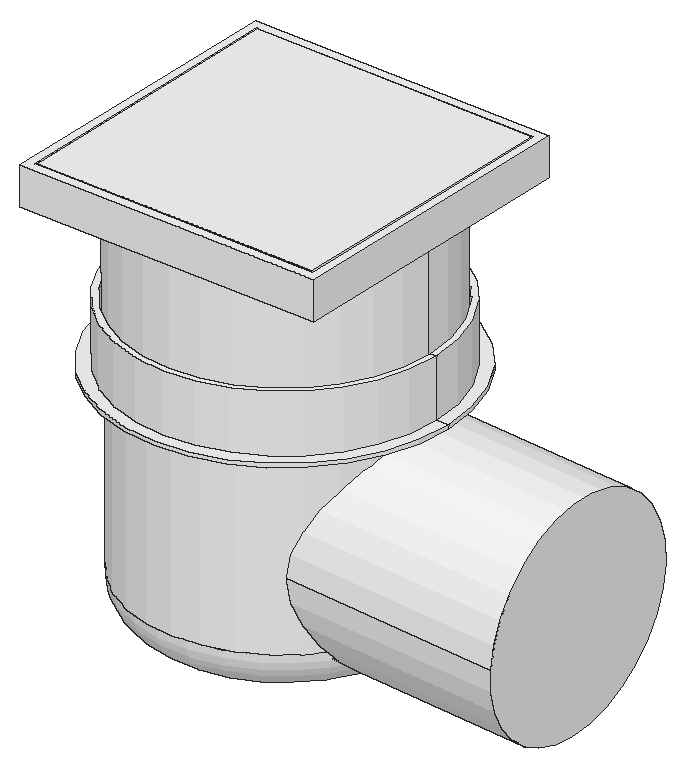
Revit family "HL_RU_Basement drain_HL72-A-171212", category Instalační zařizovací předměty, Revit 2021
Family settings
  Kóta kulaté spojky = Použít průměr
  Typ dílu = Normální
  Číslo OmniClass = 23.70.50.21.24.14
  Nadpis OmniClass = Deck Waste Water Drains
  Založené na pracovní rovině = Ne
  Vždy vertikální = Ano
  Ořezat dutým tvarem při načtení = Ne
  Sdílené = Ano
  Bod výpočtu místnosti = Ano
Parameters
  РЕШЁТКА = "138x138 mm/ Polyamid"
  РАЗМЕР = "DN110"
  ПРОПУСКНАЯ СПОСОБНОСТЬ [instance] = 0.0 L/s
  ПРОИЗВОДИТЕЛЬНОСТЬ = "1,67 l/s"
  ПРАВОВАЯ ИНФОРМАЦИЯ = "\"Авторские права(©), права на дизайн или какие либо другие права интелектуальной собственности являются исключительной собственностью компании HL Hutterer & Lechner. Изменению не подлежит. Файл семейства с данными о прозводителе изделия защищен паролем с водяным знаком.\""
  ПАДЕНИЕ ДАВЛЕНИЯ [instance] = 0.0 Pa
  НОМИНАЛЬНЫЙ ДИАМЕТР = 110 mm
  НАСАДКА = "48-95 mm/ 148x148 mm"
  МАТЕРИАЛ = "PP"
  МАКСИМАЛЬНАЯ НАГРУЗКА КЛАССА = "K3 - 300 kg"
  ВЫСОТА МОНТАЖА = "160 mm"
  ВЕС = "0,83 kg"
  Výchozí výška = 0 mm
  Přípoj ventilace = no
  Výrobce = "HL Hutterer & Lechner GmbH"
  URL = "http://www.hutterer-lechner.com/ru/products/catalog/roof-drains/HL72.aspx"
  Přípoj odpadních dílů = yes
  Přípoj HW = no
  Popis = "Трап для подвалов"
  Model = "HL72"
  Komentáře k typům = "Трап для подвалов DN110 горизонтальный 148х148мм/138х138мм синтетический материал"
  Keynote = "HL72"
  Высота монтажа [instance] = 95 mm
  Přípoj CW = no
  EAN = "9003076700721"
  D1 [instance] = 147.7 mm
  D [instance] = Высота монтажа + 56.6 mm  # 151.6 mm
  C [instance] = Высота монтажа + 56.6 mm  # 151.6 mm
  B [instance] = Высота монтажа + 64 mm  # 159 mm
  A [instance] = if(B - 100 mm > 15 mm, B - 100 mm, 15 mm)  # 59 mm
Reference planes
  plane 1 "Center (Front/Back)": y = 0
  plane 2: z = 0
  plane 3 "Center (Left/Right)": x = 0
  plane 4 "Ball Joint Vertical": x = 25.45
  plane 5: z = -95
  plane 6: z = -159
Lines and regions (mm)
  model lines, style "InvisibleLines"
    curve 1: line (0, 0, 0) -> (0, 0, 560)
  reference lines
    curve 2: line (117.7, 0, -159) -> (147.7, 0, -159)
  model lines, detail levels coarse+medium
    curve 3: line (0, 0, -159) -> (0, 0, -100)
    curve 4: line (0, 0, -100) -> (100, 0, 0)
    curve 5: line (0, 0, -100) -> (-100, 0, 0)
    curve 6: line (0, 0, -159) -> (147.7, 0, -159)
  symbolic lines, style "PlumbingFixtures", detail levels coarse+medium
    curve 7: line (-75, 75, 0) -> (75, 75, 0)
    curve 8: line (-75, -75, 0) -> (-75, 75, 0)
    curve 9: line (75, -75, 0) -> (-75, -75, 0)
    curve 10: line (75, 75, 0) -> (75, -75, 0)
    curve 11: line (-75, 75, 0) -> (-145.711, 145.711, 0)
    curve 12: line (75, 75, 0) -> (145.711, 145.711, 0)
    curve 13: line (-75, -75, 0) -> (-145.711, -145.711, 0)
    curve 14: line (75, -75, 0) -> (145.711, -145.711, 0)
  symbolic lines, style "PlumbingFixtures", not visible, detail levels coarse+medium
    curve 15: line (-75, 75, 0) -> (75, 75, 0)
    curve 16: line (-75, -75, 0) -> (-75, 75, 0)
    curve 17: line (75, -75, 0) -> (-75, -75, 0)
    curve 18: line (75, 75, 0) -> (75, -75, 0)
    curve 19: line (-75, 75, 0) -> (-145.711, 145.711, 0)
    curve 20: line (75, 75, 0) -> (145.711, 145.711, 0)
    curve 21: line (-75, -75, 0) -> (-145.711, -145.711, 0)
    curve 22: line (75, -75, 0) -> (145.711, -145.711, 0)
Text (mm)
  text "FLOOR" at (-198.233, 0, -26.556), in view "вид строительства"
Dimensions and locks
  locked: plane 4 "Ball Joint Vertical" to plane 3 "Center (Left/Right)" at 25.45
  "Высота монтажа": plane 2 to plane 5
  "A": curve 5 to plane 6
  "B": curve 5 to plane 6
  "B": curve 4 to plane 6
  "B": plane 2 to plane 6
  "B": plane 2 to curve 6
  "D1": curve 2 to plane 3 "Center (Left/Right)"
  "D1": curve 6 to plane 3 "Center (Left/Right)"
  locked: curve 4 to plane 3 "Center (Left/Right)" (angle 45.00°)
  locked: plane 3 "Center (Left/Right)" to curve 5 (angle 45.00°)
  aligned and locked: level to plane 2
  aligned and locked: plane 2 to curve 1
  aligned and locked: plane 3 "Center (Left/Right)" to curve 1
  aligned and locked: plane 3 "Center (Left/Right)" to curve 5
  aligned and locked: curve 2 to plane 6
  aligned and locked: plane 3 "Center (Left/Right)" to nested 1
  aligned and locked: plane 3 "Center (Left/Right)" to nested 2
  aligned and locked: plane 2 to nested 2
  aligned and locked: nested 1 to plane 5
Automatic sketch dimensions
  level to curve 1 = 560 mm
  curve 2 to curve 2 = 30 mm
Nested families
  nested 1: "HL-Трап для подвалов-HL72" at (0, 0, -66), type "HL-Трап для подвалов-HL72"
  nested 2: "HL-Насадка-HL66.8" at (0, 0, 0), Высота монтажа <- "Высота монтажа", type "HL-Насадка-HL66.8"
    with Высота монтажа 95 mm, IHmin 45 mm, IHmax 95 mm, A -90 mm
Connectors
  piping at (147.7, 0, -159), diameter 110, driven by "НОМИНАЛЬНЫЙ ДИАМЕТР", driven by "ПРОПУСКНАЯ СПОСОБНОСТЬ"
    settings: on curve 2, index 1, connector inside diameter 609.6 mm, connector length 0 mm, flow factor 0, pipe flow 0.0 L/s, pressure drop 0.0 Pa, fitting loss kfactor 0, connector angle 0.00°, fixture units 0, engagement length 0 mm, angle of deflection 0.00°, flow configuration 1, flow direction 2, fitting loss method 0, system type 16, joint type 0, gender type 0, connector reference index -1, connector utility 0, adjustable connector yes, is connector primary yes, connector description ""
Definition of nested family "HL-Трап для подвалов-HL72"
  Parameters (values of type "HL-Трап для подвалов-HL72")
    Manufacturer = ""
    Default Elevation = 0 mm
    URL = ""
    Description = ""
    Model = ""
    Type Comments = ""
    Cost = 0
  Reference planes
    plane 1 "Střed (vpředu/vzadu)": y = 0
    plane 2: z = 0
    plane 3 "Střed (vlevo/vpravo)": x = 0
  Forms (mm)
    Revolve 1, solid, detail levels fine
      sketch origin (0, 0, 0) x (1, 0, 0) y (0, 0, 1)
        loop
          line (-82.5, -29) -> (-82.5, -31) -> (-70.991, -31) -> (-70.991, -122.009)
          arc (-70.991, -122.009) -> (-64.843, -136.852) -> (-50, -143) r 20.991
          line (-50, -143) -> (0, -143) -> (0, -25) -> (-73.559, -25) -> (-73.559, 0) -> (-76.522, 0) -> (-76.522, -29) -> (-82.5, -29)
        axis (0, 0) -> (0, -143)
      angle from 0 to 360
    Sweep 2, solid, detail levels fine
      path origin (0, 0, 2.846) x (1, 0, 0) y (0, 0, 1)
        loop
          line (150.529, -40.92) -> (35.687, -34.901)
      profile origin (93.108, 0, -35.065) x (-0.052336, 0, -0.99863) y (0, -1, 0)
        loop
          circle (55, 0) r 55
  Dimensions and locks
    aligned and locked: level to plane 2
Definition of nested family "HL-Насадка-HL66.8"
  Parameters (values of type "HL-Насадка-HL66.8")
    РЕШЁТКА = "138x138mm"
    РАЗМЕР = "d 145 mm"
    ПРАВОВАЯ ИНФОРМАЦИЯ = "\"Авторские права(©), права на дизайн или какие либо другие права интелектуальной собственности являются исключительной собственностью компании HL Hutterer & Lechner. Изменению не подлежит. Файл семейства с данными о прозводителе изделия защищен паролем с водяным знаком.\""
    НАСАДКА = "147x147mm"
    МАТЕРИАЛ = "PP/ Polyamid"
    МАКСИМАЛЬНАЯ НАГРУЗКА КЛАССА = "K3 - 300 kg"
    ВЫСОТА МОНТАЖА = "90 mm"
    ВЕС = "0,236 kg"
    Manufacturer = "HL Hutterer & Lechner GmbH"
    Default Elevation = 0 mm
    URL = "http://www.hutterer-lechner.com/ru/products/catalog/roof-drains/HL66.8.aspx"
    Description = "Вспомогательные материалы"
    Model = "HL66.8"
    Type Comments = "Насадка d 145мм с бороздками/147х147мм/138х138мм ПП"
    Keynote = "HL66.8"
    Высота монтажа [instance] = 95 mm
    IHmin [instance] = 45 mm
    IHmax [instance] = 95 mm
    EAN = "9003076014583"
    Cost = 0
    A [instance] = -if(Высота монтажа < 45 mm, 19 mm, if(Высота монтажа > 95 mm, 19 mm, Высота монтажа - 5 mm))  # -90 mm
  Reference planes
    plane 1 "Střed (vpředu/vzadu)": y = 0
    plane 2: z = 0
    plane 3 "Střed (vlevo/vpravo)": x = 0
  Forms (mm)
    Extrusion 1, solid, detail levels fine
      sketch origin (0, 0, 0) x (1, 0, 0) y (0, 1, 0)
        loop
          line (74, -74) -> (74, 74) -> (-74, 74) -> (-74, -74) -> (74, -74)
        loop
          line (-70, 70) -> (-70, -70) -> (70, -70) -> (70, 70) -> (-70, 70)
        loop
          line (69, -69) -> (69, 69) -> (-69, 69) -> (-69, -69) -> (69, -69)
      from 0 to -19
    Extrusion 2, solid, detail levels fine
      sketch origin (0, 0, 0) x (1, 0, 0) y (0, 1, 0)
        loop
          circle (0, 0) r 72.508
      from -19 to -90 <- "A"
  Lines and regions (mm)
    model lines, detail levels fine
      curve 1: line (49, 7.25, 0) -> (53, 7.25, 0)
      curve 2: line (55.5, 9.75, 0) -> (55.5, 53.05, 0)
      curve 3: line (46.5, 53.05, 0) -> (46.5, 9.75, 0)
      curve 4: line (53, 55.55, 0) -> (49, 55.55, 0)
      curve 5: arc (55.5, 53.05, 0) -> (54.768, 54.818, 0) -> (53, 55.55, 0) r 2.5
      curve 6: arc (49, 55.55, 0) -> (47.232, 54.818, 0) -> (46.5, 53.05, 0) r 2.5
      curve 7: arc (55.5, 9.75, 0) -> (54.768, 7.982, 0) -> (53, 7.25, 0) r 2.5
      curve 8: arc (49, 7.25, 0) -> (47.232, 7.982, 0) -> (46.5, 9.75, 0) r 2.5
      curve 9: line (32, 7.25, 0) -> (36, 7.25, 0)
      curve 10: line (38.5, 9.75, 0) -> (38.5, 53.05, 0)
      curve 11: line (29.5, 53.05, 0) -> (29.5, 9.75, 0)
      curve 12: line (36, 55.55, 0) -> (32, 55.55, 0)
      curve 13: arc (38.5, 53.05, 0) -> (37.768, 54.818, 0) -> (36, 55.55, 0) r 2.5
      curve 14: arc (32, 55.55, 0) -> (30.232, 54.818, 0) -> (29.5, 53.05, 0) r 2.5
      curve 15: arc (38.5, 9.75, 0) -> (37.768, 7.982, 0) -> (36, 7.25, 0) r 2.5
      curve 16: arc (32, 7.25, 0) -> (30.232, 7.982, 0) -> (29.5, 9.75, 0) r 2.5
      curve 17: line (15, 7.25, 0) -> (19, 7.25, 0)
      curve 18: line (21.5, 9.75, 0) -> (21.5, 53.05, 0)
      curve 19: line (12.5, 53.05, 0) -> (12.5, 9.75, 0)
      curve 20: line (19, 55.55, 0) -> (15, 55.55, 0)
      curve 21: arc (21.5, 53.05, 0) -> (20.768, 54.818, 0) -> (19, 55.55, 0) r 2.5
      curve 22: arc (15, 55.55, 0) -> (13.232, 54.818, 0) -> (12.5, 53.05, 0) r 2.5
      curve 23: arc (21.5, 9.75, 0) -> (20.768, 7.982, 0) -> (19, 7.25, 0) r 2.5
      curve 24: arc (15, 7.25, 0) -> (13.232, 7.982, 0) -> (12.5, 9.75, 0) r 2.5
      curve 25: line (-2, 7.25, 0) -> (2, 7.25, 0)
      curve 26: line (4.5, 9.75, 0) -> (4.5, 53.05, 0)
      curve 27: line (-4.5, 53.05, 0) -> (-4.5, 9.75, 0)
      curve 28: line (2, 55.55, 0) -> (-2, 55.55, 0)
      curve 29: arc (4.5, 53.05, 0) -> (3.768, 54.818, 0) -> (2, 55.55, 0) r 2.5
      curve 30: arc (-2, 55.55, 0) -> (-3.768, 54.818, 0) -> (-4.5, 53.05, 0) r 2.5
      curve 31: arc (4.5, 9.75, 0) -> (3.768, 7.982, 0) -> (2, 7.25, 0) r 2.5
      curve 32: arc (-2, 7.25, 0) -> (-3.768, 7.982, 0) -> (-4.5, 9.75, 0) r 2.5
      curve 33: line (-19, 7.25, 0) -> (-15, 7.25, 0)
      curve 34: line (-12.5, 9.75, 0) -> (-12.5, 53.05, 0)
      curve 35: line (-21.5, 53.05, 0) -> (-21.5, 9.75, 0)
      curve 36: line (-15, 55.55, 0) -> (-19, 55.55, 0)
      curve 37: arc (-12.5, 53.05, 0) -> (-13.232, 54.818, 0) -> (-15, 55.55, 0) r 2.5
      curve 38: arc (-19, 55.55, 0) -> (-20.768, 54.818, 0) -> (-21.5, 53.05, 0) r 2.5
      curve 39: arc (-12.5, 9.75, 0) -> (-13.232, 7.982, 0) -> (-15, 7.25, 0) r 2.5
      curve 40: arc (-19, 7.25, 0) -> (-20.768, 7.982, 0) -> (-21.5, 9.75, 0) r 2.5
      curve 41: line (-36, 7.25, 0) -> (-32, 7.25, 0)
      curve 42: line (-29.5, 9.75, 0) -> (-29.5, 53.05, 0)
      curve 43: line (-38.5, 53.05, 0) -> (-38.5, 9.75, 0)
      curve 44: line (-32, 55.55, 0) -> (-36, 55.55, 0)
      curve 45: arc (-29.5, 53.05, 0) -> (-30.232, 54.818, 0) -> (-32, 55.55, 0) r 2.5
      curve 46: arc (-36, 55.55, 0) -> (-37.768, 54.818, 0) -> (-38.5, 53.05, 0) r 2.5
      curve 47: arc (-29.5, 9.75, 0) -> (-30.232, 7.982, 0) -> (-32, 7.25, 0) r 2.5
      curve 48: arc (-36, 7.25, 0) -> (-37.768, 7.982, 0) -> (-38.5, 9.75, 0) r 2.5
      curve 49: line (-53, 7.25, 0) -> (-49, 7.25, 0)
      curve 50: line (-46.5, 9.75, 0) -> (-46.5, 53.05, 0)
      curve 51: line (-55.5, 53.05, 0) -> (-55.5, 9.75, 0)
      curve 52: line (-49, 55.55, 0) -> (-53, 55.55, 0)
      curve 53: arc (-46.5, 53.05, 0) -> (-47.232, 54.818, 0) -> (-49, 55.55, 0) r 2.5
      curve 54: arc (-53, 55.55, 0) -> (-54.768, 54.818, 0) -> (-55.5, 53.05, 0) r 2.5
      curve 55: arc (-46.5, 9.75, 0) -> (-47.232, 7.982, 0) -> (-49, 7.25, 0) r 2.5
      curve 56: arc (-53, 7.25, 0) -> (-54.768, 7.982, 0) -> (-55.5, 9.75, 0) r 2.5
      curve 57: line (49, -55.55, 0) -> (53, -55.55, 0)
      curve 58: line (55.5, -53.05, 0) -> (55.5, -9.75, 0)
      curve 59: line (46.5, -9.75, 0) -> (46.5, -53.05, 0)
      curve 60: line (53, -7.25, 0) -> (49, -7.25, 0)
      curve 61: arc (55.5, -9.75, 0) -> (54.768, -7.982, 0) -> (53, -7.25, 0) r 2.5
      curve 62: arc (49, -7.25, 0) -> (47.232, -7.982, 0) -> (46.5, -9.75, 0) r 2.5
      curve 63: arc (55.5, -53.05, 0) -> (54.768, -54.818, 0) -> (53, -55.55, 0) r 2.5
      curve 64: arc (49, -55.55, 0) -> (47.232, -54.818, 0) -> (46.5, -53.05, 0) r 2.5
      curve 65: line (32, -55.55, 0) -> (36, -55.55, 0)
      curve 66: line (38.5, -53.05, 0) -> (38.5, -9.75, 0)
      curve 67: line (29.5, -9.75, 0) -> (29.5, -53.05, 0)
      curve 68: line (36, -7.25, 0) -> (32, -7.25, 0)
      curve 69: arc (38.5, -9.75, 0) -> (37.768, -7.982, 0) -> (36, -7.25, 0) r 2.5
      curve 70: arc (32, -7.25, 0) -> (30.232, -7.982, 0) -> (29.5, -9.75, 0) r 2.5
      curve 71: arc (38.5, -53.05, 0) -> (37.768, -54.818, 0) -> (36, -55.55, 0) r 2.5
      curve 72: arc (32, -55.55, 0) -> (30.232, -54.818, 0) -> (29.5, -53.05, 0) r 2.5
      curve 73: line (15, -55.55, 0) -> (19, -55.55, 0)
      curve 74: line (21.5, -53.05, 0) -> (21.5, -9.75, 0)
      curve 75: line (12.5, -9.75, 0) -> (12.5, -53.05, 0)
      curve 76: line (19, -7.25, 0) -> (15, -7.25, 0)
      curve 77: arc (21.5, -9.75, 0) -> (20.768, -7.982, 0) -> (19, -7.25, 0) r 2.5
      curve 78: arc (15, -7.25, 0) -> (13.232, -7.982, 0) -> (12.5, -9.75, 0) r 2.5
      curve 79: arc (21.5, -53.05, 0) -> (20.768, -54.818, 0) -> (19, -55.55, 0) r 2.5
      curve 80: arc (15, -55.55, 0) -> (13.232, -54.818, 0) -> (12.5, -53.05, 0) r 2.5
      curve 81: line (-2, -55.55, 0) -> (2, -55.55, 0)
      curve 82: line (4.5, -53.05, 0) -> (4.5, -9.75, 0)
      curve 83: line (-4.5, -9.75, 0) -> (-4.5, -53.05, 0)
      curve 84: line (2, -7.25, 0) -> (-2, -7.25, 0)
      curve 85: arc (4.5, -9.75, 0) -> (3.768, -7.982, 0) -> (2, -7.25, 0) r 2.5
      curve 86: arc (-2, -7.25, 0) -> (-3.768, -7.982, 0) -> (-4.5, -9.75, 0) r 2.5
      curve 87: arc (4.5, -53.05, 0) -> (3.768, -54.818, 0) -> (2, -55.55, 0) r 2.5
      curve 88: arc (-2, -55.55, 0) -> (-3.768, -54.818, 0) -> (-4.5, -53.05, 0) r 2.5
      curve 89: line (-19, -55.55, 0) -> (-15, -55.55, 0)
      curve 90: line (-12.5, -53.05, 0) -> (-12.5, -9.75, 0)
      curve 91: line (-21.5, -9.75, 0) -> (-21.5, -53.05, 0)
      curve 92: line (-15, -7.25, 0) -> (-19, -7.25, 0)
      curve 93: arc (-12.5, -9.75, 0) -> (-13.232, -7.982, 0) -> (-15, -7.25, 0) r 2.5
      curve 94: arc (-19, -7.25, 0) -> (-20.768, -7.982, 0) -> (-21.5, -9.75, 0) r 2.5
      curve 95: arc (-12.5, -53.05, 0) -> (-13.232, -54.818, 0) -> (-15, -55.55, 0) r 2.5
      curve 96: arc (-19, -55.55, 0) -> (-20.768, -54.818, 0) -> (-21.5, -53.05, 0) r 2.5
      curve 97: line (-36, -55.55, 0) -> (-32, -55.55, 0)
      curve 98: line (-29.5, -53.05, 0) -> (-29.5, -9.75, 0)
      curve 99: line (-38.5, -9.75, 0) -> (-38.5, -53.05, 0)
      curve 100: line (-32, -7.25, 0) -> (-36, -7.25, 0)
      curve 101: arc (-29.5, -9.75, 0) -> (-30.232, -7.982, 0) -> (-32, -7.25, 0) r 2.5
      curve 102: arc (-36, -7.25, 0) -> (-37.768, -7.982, 0) -> (-38.5, -9.75, 0) r 2.5
      curve 103: arc (-29.5, -53.05, 0) -> (-30.232, -54.818, 0) -> (-32, -55.55, 0) r 2.5
      curve 104: arc (-36, -55.55, 0) -> (-37.768, -54.818, 0) -> (-38.5, -53.05, 0) r 2.5
      curve 105: line (-53, -55.55, 0) -> (-49, -55.55, 0)
      curve 106: line (-46.5, -53.05, 0) -> (-46.5, -9.75, 0)
      curve 107: line (-55.5, -9.75, 0) -> (-55.5, -53.05, 0)
      curve 108: line (-49, -7.25, 0) -> (-53, -7.25, 0)
      curve 109: arc (-46.5, -9.75, 0) -> (-47.232, -7.982, 0) -> (-49, -7.25, 0) r 2.5
      curve 110: arc (-53, -7.25, 0) -> (-54.768, -7.982, 0) -> (-55.5, -9.75, 0) r 2.5
      curve 111: arc (-46.5, -53.05, 0) -> (-47.232, -54.818, 0) -> (-49, -55.55, 0) r 2.5
      curve 112: arc (-53, -55.55, 0) -> (-54.768, -54.818, 0) -> (-55.5, -53.05, 0) r 2.5
  Dimensions and locks
    aligned and locked: level to plane 2
    aligned and locked: Extrusion 2 to Extrusion 1
